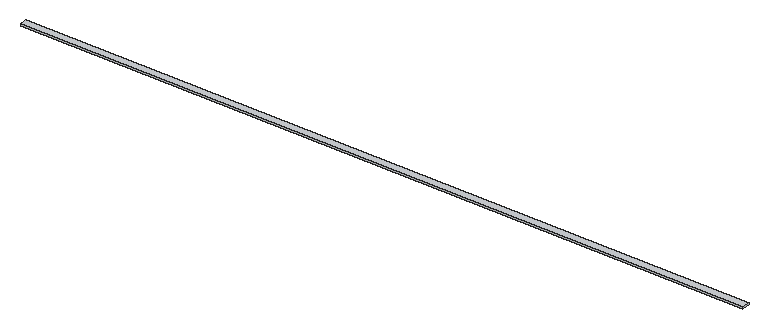
Revit family "KKDC_Flexible_FX RGB_1000mm_REV", category 조명 설비, Revit 2021
Family settings
  원형 커넥터 치수 = 지름 사용
  부품 유형 = 배선함
  OmniClass 번호 = 23.80.70.00
  OmniClass 제목 = Lighting
  작업 기준면 기반 = 예
  항상 수직 = 예
  로드될 때 보이드를 사용하여 절단 = 아니오
  광원 = 예
  공유 = 아니오
  룸 계산 점 = 아니오
Parameters (values of type "FX2 RGB IP65 1000mm")
  측광 웹 파일 = "FX se 3000K IP20 1000mm.ies"
  Emit from Rectangle Width = 10 mm
  직사각형 길이에서 발산 = 1000 mm
  와트수 해설 = "9.8W/m"
  Wattage = 18 W
  built-in parameter 1150110 = 1 (stored number, unit not read)
  built-in parameter 1114217 = 1 (stored number, unit not read)
  built-in parameter 1150109 = 1 (stored number, unit not read)
  built-in parameter 1150134 = (empty or 0)
  built-in parameter 1150113 = 1 (stored number, unit not read)
  Emit Shape Visible in Rendering = yes
  램프 = "FX2 RGB"
  기본 입면도 = 1219.2 mm
  Lumens = 1121.4 lm
  built-in parameter 1150115 = 1 (stored number, unit not read)
  built-in parameter 1150105 = 89.238 (stored number, unit not read)
  built-in parameter 1150137 = (empty or 0)
  built-in parameter 1150139 = (empty or 0)
  built-in parameter 1150112 = 1 (stored number, unit not read)
  built-in parameter 1150114 = 1 (stored number, unit not read)
  built-in parameter 1150132 = (empty or 0)
  built-in parameter 1150102 = (empty or 0)
  built-in parameter 1150138 = (empty or 0)
  built-in parameter 1150107 = 20000 (stored number, unit not read)
  built-in parameter 1150106 = 0.89238 (stored number, unit not read)
  built-in parameter 1150104 = 5.7879 (stored number, unit not read)
  Tilt Angle = -90.00°
  Dimming Lamp Color Temperature Shift = (empty or 0)
  Color Filter = 16777215
  built-in parameter 1114218 = 1 (stored number, unit not read)
  직사각형 폭에서 발산 = 3048 mm
Types (3, lengths in mm): name | Lumens | built-in parameter 1150105 | built-in parameter 1150106 | built-in parameter 1150104
  (no name) | 1121.4 lm | 89.238 (stored number, unit not read) | 0.89238 (stored number, unit not read) | 5.7879 (stored number, unit not read)
  FX2 RGB IP20 1000mm | 1211.4 lm | 96.4 (stored number, unit not read) | 0.964 (stored number, unit not read) | 6.2524 (stored number, unit not read)
  FX2 RGB IP65 1000mm | 1121.4 lm | 89.238 (stored number, unit not read) | 0.89238 (stored number, unit not read) | 5.7879 (stored number, unit not read)
Reference planes
  plane 1 "광원 축(F/B)": y = 0
  plane 2: z = 0
  plane 3 "광원 축(L/R)": x = 0
  plane 4 "광원 입면도": z = 0
  plane 5 "Height": z = -2.2
Forms (mm)
  Extrusion 1, solid
    sketch origin (0, 0, 0) x (0, 1, 0) y (0, 0, 1)
      loop
        line (-5, -2.2) -> (5, -2.2) -> (5, 0) -> (-5, 0) -> (-5, -2.2)
    from -501 to 501
Dimensions and locks
  aligned and locked: plane 3 "광원 축(L/R)" to imposter light
  aligned and locked: plane 1 "광원 축(F/B)" to imposter light
  aligned and locked: plane 4 "광원 입면도" to imposter light
  aligned and locked: plane 2 to level
  aligned and locked: plane 4 "광원 입면도" to level
Connectors
  electrical at (0, 0, -2.2)
    settings: index 1, voltage 24 V, apparent load 0 VA, apparent load phase1 0 VA, apparent load phase2 0 VA, apparent load phase3 0 VA, power factor 1, load classification "조명", number of poles 1, system type 31, power factor state 1, is connector primary yes, connector utility no, sub classification motor no, connector description ""
